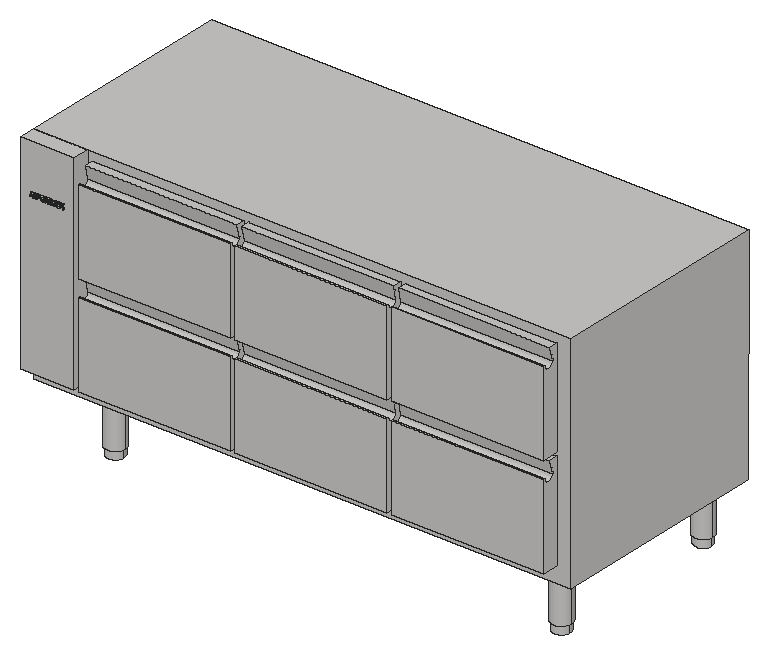
Revit family "QF_ALPENINOX_712656_AJ3R8BBB", category Specialty Equipment, Revit 2018
Family settings
  Round Connector Dimension = Use Diameter
  Part Type = Normal
  Work Plane-Based = No
  Always vertical = Yes
  Cut with Voids When Loaded = No
  Shared = No
  Room Calculation Point = No
Parameters
  Weight = 0.00 kg
  Watts = 2.78709 W
  Volts = 220 V
  URL Manufacturer = "http://www.alpeninox.com"
  URL = "http://www.alpeninox.com"
  Steam Supply Size = 0 mm
  Steam Supply Minimum Pressure = 0.0 Pa
  Steam Supply Maximum Pressure = 0.0 Pa
  Steam Pounds per Hour = 0
  Refrigeration Suction Line Size = 0 mm
  Refrigeration Liquid Line Size = 0 mm
  Refrigerant Compressor Remote = yes
  Manufacturer = "Alpeninox"
  Phase = 1
  Model = "AJ3R8BBB"
  Length Actual = 1557 mm  # constant formula
  Length = 1557 mm
  Item Number = "712656"
  Hot Water Size = 0 mm
  Height Actual = 800 mm  # constant formula
  Height = 650 mm
  HP = "0 HP"
  Gas Size = 0 mm
  Gas KW = 0
  Gas Input Pressure = 0 W
  Depth Actual = 700 mm  # constant formula
  Depth = 695 mm
  Description = "6x½ DRAWER REFRIGER. TABLE -2C REM NO TOP"
  Cycle = 60 Hz
  Condensate Return Size = 0 mm
  Compressed Air Volume = 0.0 L/s
  Compressed Air Size = 0 mm
  Compressed Air Pressure = 0.0 Pa
  Cold Water Size = 0 mm
  Accessory = yes
Reference planes
  plane 1: z = 0
  plane 2 "Center (Left/Right)": x = -124.5
  plane 3 "Center (Front/Back)": y = 64.5
  plane 4 "FEET": z = 150
  plane 5 "TOP": z = 850
  plane 6 "PLAIN": z = 800
  plane 7 "EI_back": y = 359
  plane 8 "EI_left": x = -837
  plane 9 "BACK": y = 412
  plane 10 "FRONT": y = -283
  plane 11 "DOOR": y = -233
  plane 12 "LEFT": x = -903
  plane 13 "RIGHT": x = 654
  plane 14: x = -878
  plane 15: x = 629
  plane 16 "RO_left": x = -863
  plane 17 "RI_left": x = -811
  plane 18 "RO_back": y = 375.5
  plane 19 "RI_back": y = 375.5
  plane 20 "DRAINleft": x = -837
  plane 21 "DRAINback": y = 164
Forms (mm)
  Extrusion 1, solid, material "QF_Finishes_Stainless Steel"
    sketch origin (-1022.223, -1524, 150) x (-1, 0, 0) y (0, -1, 0)
      loop
        circle (-185.223, -1883) r 5
    from 0 to -40
  Extrusion 2, solid, material "QF_Finishes_Stainless Steel"
    sketch origin (-1022.223, -1524, 150) x (-1, 0, 0) y (0, -1, 0)
      loop
        circle (-159.223, -1899.5) r 4.25
    from 0 to -20
  Extrusion 3, solid, material "QF_Finishes_Stainless Steel"
    sketch origin (-1022.223, -1524, 150) x (-1, 0, 0) y (0, -1, 0)
      loop
        circle (-211.223, -1899.5) r 4
    from 0 to -20
  Extrusion 4, solid, material "QF_Finishes_Stainless Steel"
    sketch origin (-1022.223, -1524, 150) x (-1, 0, 0) y (0, -1, 0)
      loop
        circle (-185.223, -1688) r 8.5
    from 0 to -40
  Extrusion 5, solid, material "QF_Finishes_Stainless Steel"
    sketch origin (-1022.223, -1524, 150) x (-1, 0, 0) y (0, -1, 0)
      loop
        line (-119.223, -1936) -> (-119.223, -1291) -> (-1676.223, -1291) -> (-1676.223, -1936) -> (-119.223, -1936)
    from 0 to 650 <- "Height"
Lines and regions (mm)
  symbolic lines, style "SpecialityEquipmentHiddenLines"
    curve 1: line (-903, 412, 150) -> (654, 412, 150)
    curve 2: line (-903, -283, 150) -> (-903, 412, 150)
    curve 3: line (654, -283, 150) -> (-903, -283, 150)
    curve 4: line (654, 412, 150) -> (654, -283, 150)
    curve 5: line (-903, -233, 150) -> (654, -233, 150)
    curve 6: line (629, -233, 150) -> (629, -283, 150)
Dimensions and locks
  plane 4 "FEET" to level = 150 mm
  plane 11 "DOOR" to plane 10 "FRONT" = 50 mm
  "Height": plane 6 "PLAIN" to plane 4 "FEET"
  plane 5 "TOP" to plane 6 "PLAIN" = 50 mm
  plane 12 "LEFT" to plane 14 = 25 mm
  plane 15 to plane 13 "RIGHT" = 25 mm
  plane 9 "BACK" to plane 18 "RO_back" = 36.5 mm
  plane 9 "BACK" to plane 7 "EI_back" = 53 mm
  plane 9 "BACK" to plane 19 "RI_back" = 36.5 mm
  plane 9 "BACK" to plane 21 "DRAINback" = 248 mm
  plane 12 "LEFT" to plane 20 "DRAINleft" = 66 mm
  plane 12 "LEFT" to plane 8 "EI_left" = 66 mm
  plane 12 "LEFT" to plane 17 "RI_left" = 92 mm
  plane 12 "LEFT" to plane 16 "RO_left" = 40 mm
  "Depth": plane 9 "BACK" to plane 10 "FRONT"
  equal spacing: plane 9 "BACK", plane 3 "Center (Front/Back)", plane 10 "FRONT"
  "Length": plane 12 "LEFT" to plane 13 "RIGHT"
  equal spacing: plane 12 "LEFT", plane 2 "Center (Left/Right)", plane 13 "RIGHT"
  aligned and locked: level to plane 1
Automatic sketch dimensions
  Extrusion 1 sketch curve to plane 7 "EI_back" = 0 mm
  Extrusion 1 sketch curve to plane 8 "EI_left" = 0 mm
  Extrusion 2 sketch curve to plane 16 "RO_left" = 0 mm
  Extrusion 2 sketch curve to plane 18 "RO_back" = 0 mm
  Extrusion 3 sketch curve to plane 17 "RI_left" = 0 mm
  Extrusion 3 sketch curve to plane 19 "RI_back" = 0 mm
  Extrusion 4 sketch curve to plane 20 "DRAINleft" = 0 mm
  Extrusion 4 sketch curve to plane 21 "DRAINback" = 0 mm
  Extrusion 5 sketch curve to plane 9 "BACK" = 0 mm
  Extrusion 5 sketch curve to plane 13 "RIGHT" = 0 mm
  Extrusion 5 sketch curve to plane 11 "DOOR" = 0 mm
  Extrusion 5 sketch curve to plane 12 "LEFT" = 0 mm
  curve 1 to plane 13 "RIGHT" = 0 mm
  curve 6 to plane 15 = 0 mm
  curve 5 to plane 11 "DOOR" = 0 mm
  curve 5 to plane 12 "LEFT" = 0 mm
  curve 6 to plane 10 "FRONT" = 0 mm
  curve 1 to plane 9 "BACK" = 0 mm
  radius of Extrusion 1 sketch curve = 5 mm
  radius of Extrusion 2 sketch curve = 4.25 mm
  radius of Extrusion 3 sketch curve = 4 mm
  radius of Extrusion 4 sketch curve = 8.5 mm
Nested families
  nested 1: "Refrigerator" at (654, -283, 0), type "Refrigerator"
  nested 2: "FEET" at (-707, 331, 0), type "FEET"
  nested 3: "FEET" at (588, 331, 0), type "FEET"
  nested 4: "FEET" at (-707, -183, 0), type "FEET"
  nested 5: "FEET" at (588, -183, 0), type "FEET"
  nested 6: "APX_REM_TN_L_650" at (-746.08, -233, 548) x (1, 0, 0) z (0, -1, 0), type "APX_REM_TN_L_650"
    with Show Logo yes
  nested 7: "APX_HALF_650" at (-513, -233, 458.08) x (1, 0, 0) z (0, -1, 0), type "APX_HALF_650"
    with Show Clearance yes
  nested 8: "APX_HALF_650" at (-59, -233, 458.08) x (1, 0, 0) z (0, -1, 0), type "APX_HALF_650"
    with Show Clearance yes
  nested 9: "APX_HALF_650" at (395, -233, 458.08) x (1, 0, 0) z (0, -1, 0), type "APX_HALF_650"
    with Show Clearance yes
Connectors
  electrical at (-837, 359, 110), driven by "Volts"
    settings: on Extrusion 1, index 1, voltage 220 V, apparent load 0 VA, apparent load phase1 0 VA, apparent load phase2 0 VA, apparent load phase3 0 VA, power factor 1, load classification "Other", number of poles 1, system type 31, power factor state 1, is connector primary yes, connector utility no, sub classification motor no, connector description "Electrical Connection"
  piping at (-863, 375.5, 130), diameter 9.5
    settings: on Extrusion 2, index 3, connector inside diameter 609.6 mm, connector length 0 mm, flow factor 0, pipe flow 0.0 L/s, pressure drop 0.0 Pa, fitting loss kfactor 0, connector angle 0.00°, fixture units 0, engagement length 0 mm, angle of deflection 0.00°, flow configuration 1, flow direction 2, fitting loss method 0, system type 8, joint type 0, gender type 0, connector reference index -1, connector utility 0, adjustable connector no, is connector primary yes, connector description "Refrigerant Outlet"
  piping at (-811, 375.5, 130), diameter 8
    settings: on Extrusion 3, index 4, connector inside diameter 609.6 mm, connector length 0 mm, flow factor 0, pipe flow 0.0 L/s, pressure drop 0.0 Pa, fitting loss kfactor 0, connector angle 0.00°, fixture units 0, engagement length 0 mm, angle of deflection 0.00°, flow configuration 1, flow direction 1, fitting loss method 0, system type 7, joint type 0, gender type 0, connector reference index -1, connector utility 0, adjustable connector no, is connector primary no, connector description "Refrigerant Inlet"
  piping at (-837, 164, 110), diameter 17
    settings: on Extrusion 4, index 5, connector inside diameter 609.6 mm, connector length 0 mm, flow factor 0, pipe flow 0.0 L/s, pressure drop 0.0 Pa, fitting loss kfactor 0, connector angle 0.00°, fixture units 0, engagement length 0 mm, angle of deflection 0.00°, flow configuration 1, flow direction 2, fitting loss method 0, system type 16, joint type 0, gender type 0, connector reference index -1, connector utility 0, adjustable connector no, is connector primary no, connector description "Drain"
Definition of nested family "FEET"
  Parameters
    FEET = 150 mm
  Reference planes
    plane 1 "Center (Front/Back)": y = 0
    plane 2: z = 0
    plane 3 "Center (Left/Right)": x = 0
    plane 4: z = 150
  Forms (mm)
    Revolve 1, solid
      sketch origin (255.05, 0, 608.09) x (0, 0, 1) y (-1, 0, 0)
        loop
          line (-608.09, 255.05) -> (-608.09, 230.05) -> (-583.09, 230.05) -> (-583.09, 226.05) -> (-458.09, 226.05) -> (-458.09, 255.05) -> (-608.09, 255.05)
        axis (-608.09, 255.05) -> (-458.09, 255.05)
      angle from 0 to 360
  Dimensions and locks
    locked: Revolve 1 sketch curve to Revolve 1 sketch curve at 125
    "FEET": plane 4 to plane 2
    aligned and locked: level to plane 2
    aligned and locked: plane 4 to Revolve 1 sketch curve
    aligned and locked: Revolve 1 sketch curve to level
    aligned and locked: plane 3 "Center (Left/Right)" to Revolve 1 sketch curve
  Automatic sketch dimensions
    Revolve 1 sketch curve to plane 3 "Center (Left/Right)" = 0 mm
    Revolve 1 sketch curve to Revolve 1 sketch curve = 25 mm
    Revolve 1 sketch curve to Revolve 1 sketch curve = 29 mm
    plane 4 to Revolve 1 sketch curve = 50 mm
    Revolve 1 sketch curve to Revolve 1 sketch curve = 20 mm
Definition of nested family "APX_REM_TN_L_650"
  Parameters
    Show Logo [instance] = yes
    Default Elevation = 1219.2 mm
  Reference planes
    plane 1 "Centro (Fronte/Retro)": y = -49
    plane 2: z = 0
    plane 3 "Centro (Sinistra/Destra)": x = -78.92
  Forms (mm)
    Extrusion 1, solid
      sketch origin (0, 0, 0) x (1, 0, 0) y (0, 1, 0)
        loop
          line (-1219.2, 1219.2) -> (-1219.2, -1219.2) -> (1219.2, -1219.2) -> (1219.2, 1219.2) -> (-1219.2, 1219.2)
      from 0 to -304.8
    Extrusion 2, solid
      sketch origin (0, 0, 0) x (1, 0, 0) y (0, 1, 0)
        loop
          line (-156.92, 252) -> (-156.92, -350) -> (-0.92, -350) -> (-0.92, 252) -> (-156.92, 252)
      from 0 to 50
    Extrusion 3, solid
      sketch origin (43.141, -49.023, 0) x (1, 0, 0) y (0, 1, 0)
        loop
          line (-168.675, 170.349) -> (-172.411, 160.318)
          arc (-172.411, 160.318) -> (-171.624, 158.497) -> (-169.837, 159.36) r 1.374
          line (-169.837, 159.36) -> (-169.268, 161.111) -> (-164.1, 161.111) -> (-163.54, 159.379)
          arc (-163.54, 159.379) -> (-161.802, 158.542) -> (-161.049, 160.318) r 1.333
          line (-161.049, 160.318) -> (-164.694, 170.349)
          arc (-164.694, 170.349) -> (-166.685, 171.876) -> (-168.675, 170.349) r 2.06
        loop
          line (-166.681, 169.055) -> (-168.469, 163.655) -> (-164.935, 163.655) -> (-166.681, 169.055)
        loop
          arc (-159.705, 160.042) -> (-159.262, 158.973) -> (-158.194, 158.531) r 1.512
          line (-158.194, 158.531) -> (-153.608, 158.531)
          arc (-153.608, 158.531) -> (-152.337, 159.802) -> (-153.608, 161.074) r 1.272
          line (-153.608, 161.074) -> (-156.917, 161.074) -> (-156.917, 170.328)
          arc (-156.917, 170.328) -> (-158.311, 171.722) -> (-159.705, 170.328) r 1.394
          line (-159.705, 170.328) -> (-159.705, 160.042)
        loop
          line (-151.076, 170.218) -> (-151.076, 159.859)
          arc (-151.076, 159.859) -> (-149.683, 158.466) -> (-148.29, 159.859) r 1.393
          line (-148.29, 159.859) -> (-148.29, 162.882) -> (-146.225, 162.882)
          arc (-146.225, 162.882) -> (-142.999, 163.859) -> (-141.608, 166.928) r 4.082
          arc (-141.608, 166.928) -> (-142.993, 170.272) -> (-146.336, 171.657) r 4.728
          line (-146.336, 171.657) -> (-149.638, 171.657)
          arc (-149.638, 171.657) -> (-150.655, 171.235) -> (-151.076, 170.218) r 1.439
        loop
          line (-148.29, 165.313) -> (-146.388, 165.313)
          arc (-146.388, 165.313) -> (-144.433, 167.268) -> (-146.388, 169.222) r 1.955
          line (-146.388, 169.222) -> (-148.29, 169.222) -> (-148.29, 165.313)
        loop
          arc (-131.184, 166.332) -> (-132.004, 168.2) -> (-133.767, 169.228) r 3.3
          arc (-133.767, 169.228) -> (-136.353, 168.661) -> (-137.611, 166.332) r 3.176
          line (-137.611, 166.332) -> (-131.184, 166.332)
        loop
          line (-137.538, 163.743) -> (-130.544, 163.743)
          arc (-130.544, 163.743) -> (-129.292, 163.916) -> (-128.301, 164.701) r 2.4
          arc (-128.301, 164.701) -> (-128.155, 165.545) -> (-128.212, 166.399) r 3.635
          arc (-128.212, 166.399) -> (-130.364, 170.162) -> (-134.39, 171.769) r 6.579
          arc (-134.39, 171.769) -> (-138.918, 169.706) -> (-140.661, 165.044) r 6.501
          arc (-140.661, 165.044) -> (-139.276, 160.789) -> (-135.401, 158.549) r 6.252
          arc (-135.401, 158.549) -> (-132.922, 158.526) -> (-130.544, 159.232) r 8.361
          arc (-130.544, 159.232) -> (-129.466, 159.781) -> (-128.641, 160.666) r 3.486
          arc (-128.641, 160.666) -> (-128.419, 161.592) -> (-128.828, 162.451) r 1.425
          arc (-128.828, 162.451) -> (-129.368, 162.762) -> (-129.99, 162.762) r 1.203
          arc (-129.99, 162.762) -> (-130.406, 162.59) -> (-130.764, 162.316) r 1.724
          arc (-130.764, 162.316) -> (-131.666, 161.705) -> (-132.646, 161.229) r 7.6
          arc (-132.646, 161.229) -> (-135.676, 161.35) -> (-137.538, 163.743) r 3.6
        loop
          line (-126.669, 170.328) -> (-126.669, 159.859)
          arc (-126.669, 159.859) -> (-125.273, 158.463) -> (-123.878, 159.859) r 1.396
          line (-123.878, 159.859) -> (-123.878, 166.785) -> (-117.946, 159.029)
          arc (-117.946, 159.029) -> (-116.361, 158.51) -> (-115.379, 159.859) r 1.417
          line (-115.379, 159.859) -> (-115.379, 170.328)
          arc (-115.379, 170.328) -> (-116.774, 171.723) -> (-118.169, 170.328) r 1.395
          line (-118.169, 170.328) -> (-118.169, 163.311) -> (-124.101, 171.157)
          arc (-124.101, 171.157) -> (-125.687, 171.678) -> (-126.669, 170.328) r 1.418
        loop
          arc (-113.636, 159.859) -> (-112.241, 158.464) -> (-110.847, 159.859) r 1.394
          line (-110.847, 159.859) -> (-110.847, 170.328)
          arc (-110.847, 170.328) -> (-112.241, 171.723) -> (-113.636, 170.328) r 1.394
          line (-113.636, 170.328) -> (-113.636, 159.859)
        loop
          line (-109.102, 170.328) -> (-109.102, 159.859)
          arc (-109.102, 159.859) -> (-107.706, 158.463) -> (-106.31, 159.859) r 1.396
          line (-106.31, 159.859) -> (-106.31, 166.785) -> (-100.378, 159.029)
          arc (-100.378, 159.029) -> (-98.793, 158.51) -> (-97.812, 159.859) r 1.417
          line (-97.812, 159.859) -> (-97.812, 170.328)
          arc (-97.812, 170.328) -> (-99.207, 171.723) -> (-100.602, 170.328) r 1.395
          line (-100.602, 170.328) -> (-100.602, 163.311) -> (-106.533, 171.157)
          arc (-106.533, 171.157) -> (-108.119, 171.678) -> (-109.102, 170.328) r 1.418
        loop
          arc (-96.345, 165.093) -> (-95.619, 161.877) -> (-93.467, 159.379) r 6.806
          arc (-93.467, 159.379) -> (-91.792, 158.566) -> (-89.948, 158.31) r 5.956
          arc (-89.948, 158.31) -> (-88.104, 158.566) -> (-86.43, 159.379) r 5.956
          arc (-86.43, 159.379) -> (-84.277, 161.877) -> (-83.551, 165.093) r 6.806
          arc (-83.551, 165.093) -> (-84.277, 168.31) -> (-86.43, 170.808) r 6.806
          arc (-86.43, 170.808) -> (-88.104, 171.621) -> (-89.948, 171.877) r 5.956
          arc (-89.948, 171.877) -> (-91.792, 171.621) -> (-93.467, 170.808) r 5.956
          arc (-93.467, 170.808) -> (-95.619, 168.31) -> (-96.345, 165.093) r 6.806
        loop
          arc (-93.425, 165.093) -> (-93.138, 163.212) -> (-92.081, 161.629) r 4.387
          arc (-92.081, 161.629) -> (-91.087, 161.049) -> (-89.948, 160.881) r 3.035
          arc (-89.948, 160.881) -> (-88.809, 161.049) -> (-87.815, 161.629) r 3.035
          arc (-87.815, 161.629) -> (-86.759, 163.212) -> (-86.472, 165.093) r 4.387
          arc (-86.472, 165.093) -> (-86.759, 166.975) -> (-87.815, 168.558) r 4.387
          arc (-87.815, 168.558) -> (-88.809, 169.138) -> (-89.948, 169.306) r 3.035
          arc (-89.948, 169.306) -> (-91.087, 169.138) -> (-92.081, 168.558) r 3.035
          arc (-92.081, 168.558) -> (-93.138, 166.975) -> (-93.425, 165.093) r 4.387
        loop
          line (-82.843, 169.609) -> (-79.829, 165.552) -> (-83.513, 160.652)
          arc (-83.513, 160.652) -> (-83.216, 158.692) -> (-81.262, 159.029) r 1.388
          line (-81.262, 159.029) -> (-78.213, 163.232) -> (-75.164, 159.029)
          arc (-75.164, 159.029) -> (-73.211, 158.692) -> (-72.913, 160.652) r 1.388
          line (-72.913, 160.652) -> (-76.597, 165.552) -> (-73.584, 169.609)
          arc (-73.584, 169.609) -> (-73.952, 171.597) -> (-75.908, 171.084) r 1.38
          line (-75.908, 171.084) -> (-78.213, 167.841) -> (-80.519, 171.084)
          arc (-80.519, 171.084) -> (-82.474, 171.597) -> (-82.843, 169.609) r 1.38
      from 50 to 51.6
  Lines and regions (mm)
    Split face 1
      outline origin (0, 0, 50) x (1, 0, 0) y (0, 1, 0)
        loop
          line (-0.92, 188) -> (-156.92, 188)
    Split face 2
      outline origin (0, 0, 50) x (1, 0, 0) y (0, 1, 0)
        loop
          line (-156.92, 178) -> (-0.92, 178)
    Split face 3
      outline origin (0, 0, 50) x (1, 0, 0) y (0, 1, 0)
        loop
          line (-0.92, 104) -> (-156.92, 104)
    Split face 4
      outline origin (0, 0, 50) x (1, 0, 0) y (0, 1, 0)
        loop
          line (-0.92, 94) -> (-156.92, 94)
    Split face 5
      outline origin (0, 0, 50) x (1, 0, 0) y (0, 1, 0)
        loop
          line (-108.92, 163.931) -> (-108.92, 134.412) -> (-48.92, 134.412) -> (-48.92, 163.931) -> (-108.92, 163.931)
    Split face 6
      outline origin (0, 0, 50) x (1, 0, 0) y (0, 1, 0)
        loop
          line (-68.92, 160.931) -> (-68.92, 137.412) -> (-51.92, 137.412) -> (-51.92, 160.931) -> (-68.92, 160.931)
    symbolic lines
      curve 1: line (-2, -49, 50) -> (-2, -49, 0)
  Dimensions and locks
    equal spacing: Extrusion 2, plane 3 "Centro (Sinistra/Destra)", Extrusion 2
    equal spacing: Extrusion 2, plane 1 "Centro (Fronte/Retro)", Extrusion 2
    Extrusion 2 to Extrusion 2 = 156 mm
    aligned and locked: plane 2 to Extrusion 1
    aligned and locked: level to Extrusion 1
  Automatic sketch dimensions
    curve 1 to level = 0 mm
    plane 3 "Centro (Sinistra/Destra)" to curve 1 = 76.92 mm
    curve 1 to curve 1 = 50 mm
    Extrusion 1 sketch curve to Extrusion 1 sketch curve = 2438.4 mm  (x2)
    Extrusion 2 sketch curve to plane 3 "Centro (Sinistra/Destra)" = 78 mm
    plane 3 "Centro (Sinistra/Destra)" to Extrusion 2 sketch curve = 78 mm
    plane 1 "Centro (Fronte/Retro)" to Extrusion 2 sketch curve = 301 mm
    Extrusion 2 sketch curve to plane 1 "Centro (Fronte/Retro)" = 301 mm
    Extrusion 3 sketch curve to plane 3 "Centro (Sinistra/Destra)" = 50.35 mm
    Extrusion 3 sketch curve to Extrusion 3 sketch curve = 1.266 mm
    Extrusion 3 sketch curve to Extrusion 3 sketch curve = 1.307 mm
    Extrusion 3 sketch curve to Extrusion 3 sketch curve = 0.57 mm
    Extrusion 3 sketch curve to Extrusion 3 sketch curve = 0.593 mm
    Extrusion 3 sketch curve to Extrusion 3 sketch curve = 0.799 mm
    Extrusion 3 sketch curve to Extrusion 3 sketch curve = 1.99 mm  (x2)
    Extrusion 3 sketch curve to Extrusion 3 sketch curve = 0.003 mm
    Extrusion 3 sketch curve to Extrusion 3 sketch curve = 3.534 mm
    Extrusion 3 sketch curve to Extrusion 3 sketch curve = 0.835 mm
    Extrusion 3 sketch curve to Extrusion 3 sketch curve = 0.56 mm
    Extrusion 3 sketch curve to Extrusion 3 sketch curve = 1.268 mm
    Extrusion 3 sketch curve to Extrusion 3 sketch curve = 1.223 mm
    Extrusion 3 sketch curve to Extrusion 3 sketch curve = 1.344 mm
    Extrusion 3 sketch curve to Extrusion 3 sketch curve = 1.394 mm  (x2)
    Extrusion 3 sketch curve to Extrusion 3 sketch curve = 1.512 mm
    Extrusion 3 sketch curve to Extrusion 3 sketch curve = 3.309 mm
    Extrusion 3 sketch curve to Extrusion 3 sketch curve = 5.841 mm
    Extrusion 3 sketch curve to Extrusion 3 sketch curve = 1.393 mm
    Extrusion 3 sketch curve to Extrusion 3 sketch curve = 1.439 mm
    Extrusion 3 sketch curve to Extrusion 3 sketch curve = 0 mm  (x19)
    Extrusion 3 sketch curve to Extrusion 3 sketch curve = 1.902 mm
    Extrusion 3 sketch curve to Extrusion 3 sketch curve = 0.052 mm
    Extrusion 3 sketch curve to Extrusion 3 sketch curve = 2.065 mm
    Extrusion 3 sketch curve to Extrusion 3 sketch curve = 0.647 mm
    Extrusion 3 sketch curve to Extrusion 3 sketch curve = 8.079 mm
    Extrusion 3 sketch curve to Extrusion 3 sketch curve = 0.073 mm
    Extrusion 3 sketch curve to Extrusion 3 sketch curve = 2.145 mm
    Extrusion 3 sketch curve to Extrusion 3 sketch curve = 2.931 mm
    Extrusion 3 sketch curve to Extrusion 3 sketch curve = 0.213 mm
    Extrusion 3 sketch curve to Extrusion 3 sketch curve = 0.026 mm
    Extrusion 3 sketch curve to Extrusion 3 sketch curve = 0.263 mm
    Extrusion 3 sketch curve to Extrusion 3 sketch curve = 0.516 mm
    Extrusion 3 sketch curve to Extrusion 3 sketch curve = 0.356 mm
    Extrusion 3 sketch curve to Extrusion 3 sketch curve = 0.387 mm
    Extrusion 3 sketch curve to Extrusion 3 sketch curve = 2.378 mm
    Extrusion 3 sketch curve to Extrusion 3 sketch curve = 2.466 mm
    Extrusion 3 sketch curve to Extrusion 3 sketch curve = 0.602 mm
    Extrusion 3 sketch curve to Extrusion 3 sketch curve = 1.02 mm
    Extrusion 3 sketch curve to Extrusion 3 sketch curve = 0.949 mm
    Extrusion 3 sketch curve to Extrusion 3 sketch curve = 1.728 mm
    Extrusion 3 sketch curve to Extrusion 3 sketch curve = 0.157 mm  (x2)
    Extrusion 3 sketch curve to Extrusion 3 sketch curve = 0.292 mm
    Extrusion 3 sketch curve to plane 3 "Centro (Sinistra/Destra)" = 4.608 mm
    Extrusion 3 sketch curve to Extrusion 3 sketch curve = 1.396 mm  (x2)
    Extrusion 3 sketch curve to Extrusion 3 sketch curve = 1.418 mm  (x2)
    Extrusion 3 sketch curve to Extrusion 3 sketch curve = 1.151 mm  (x2)
    plane 3 "Centro (Sinistra/Destra)" to Extrusion 3 sketch curve = 3.891 mm
    plane 3 "Centro (Sinistra/Destra)" to Extrusion 3 sketch curve = 4.115 mm
    Extrusion 3 sketch curve to Extrusion 3 sketch curve = 1.149 mm  (x2)
    Extrusion 3 sketch curve to Extrusion 3 sketch curve = 1.395 mm  (x2)
    Extrusion 3 sketch curve to Extrusion 3 sketch curve = 1.744 mm
    Extrusion 3 sketch curve to Extrusion 3 sketch curve = 1.745 mm
    Extrusion 3 sketch curve to Extrusion 3 sketch curve = 5.709 mm
    Extrusion 3 sketch curve to Extrusion 3 sketch curve = 0.224 mm
    Extrusion 3 sketch curve to Extrusion 3 sketch curve = 6.963 mm
    Extrusion 3 sketch curve to Extrusion 3 sketch curve = 0.493 mm  (x3)
    Extrusion 3 sketch curve to Extrusion 3 sketch curve = 0.273 mm  (x2)
    Extrusion 3 sketch curve to Extrusion 3 sketch curve = 0.021 mm  (x2)
    Extrusion 3 sketch curve to Extrusion 3 sketch curve = 0.226 mm  (x2)
    Extrusion 3 sketch curve to Extrusion 3 sketch curve = 0.268 mm  (x2)
    Extrusion 3 sketch curve to Extrusion 3 sketch curve = 0.294 mm
    Extrusion 3 sketch curve to Extrusion 3 sketch curve = 5.534 mm
    Extrusion 3 sketch curve to Extrusion 3 sketch curve = 6.205 mm
    Extrusion 3 sketch curve to Extrusion 3 sketch curve = 1.109 mm  (x2)
    Extrusion 3 sketch curve to Extrusion 3 sketch curve = 1.108 mm  (x2)
    Extrusion 3 sketch curve to Extrusion 3 sketch curve = 1.142 mm  (x2)
    Extrusion 3 sketch curve to Extrusion 3 sketch curve = 1.216 mm  (x2)
    Extrusion 3 sketch curve to Extrusion 3 sketch curve = 3.013 mm
    Extrusion 3 sketch curve to Extrusion 3 sketch curve = 1.616 mm  (x3)
    Extrusion 3 sketch curve to Extrusion 3 sketch curve = 2.305 mm
    Extrusion 3 sketch curve to Extrusion 3 sketch curve = 3.049 mm
    Extrusion 3 sketch curve to plane 1 "Centro (Fronte/Retro)" = 158.508 mm
    Extrusion 3 sketch curve to Extrusion 3 sketch curve = 0.498 mm
    Extrusion 3 sketch curve to Extrusion 3 sketch curve = 0.682 mm
    Extrusion 3 sketch curve to Extrusion 3 sketch curve = 0.664 mm
    Extrusion 3 sketch curve to Extrusion 3 sketch curve = 0.425 mm
    Extrusion 3 sketch curve to Extrusion 3 sketch curve = 0.41 mm
    Extrusion 3 sketch curve to Extrusion 3 sketch curve = 1.272 mm
    Extrusion 3 sketch curve to Extrusion 3 sketch curve = 0.789 mm  (x2)
    Extrusion 3 sketch curve to Extrusion 3 sketch curve = 0.056 mm
    Extrusion 3 sketch curve to Extrusion 3 sketch curve = 0.83 mm
    Extrusion 3 sketch curve to Extrusion 3 sketch curve = 1.238 mm
    Extrusion 3 sketch curve to Extrusion 3 sketch curve = 1.732 mm
    Extrusion 3 sketch curve to Extrusion 3 sketch curve = 0.346 mm
    Extrusion 3 sketch curve to Extrusion 3 sketch curve = 1.123 mm
    Extrusion 3 sketch curve to Extrusion 3 sketch curve = 3.023 mm
    Extrusion 3 sketch curve to Extrusion 3 sketch curve = 4.203 mm
    Extrusion 3 sketch curve to Extrusion 3 sketch curve = 3.452 mm  (x2)
    Extrusion 3 sketch curve to Extrusion 3 sketch curve = 2.544 mm
    Extrusion 3 sketch curve to Extrusion 3 sketch curve = 1.177 mm
    Extrusion 3 sketch curve to Extrusion 3 sketch curve = 3.261 mm
    Extrusion 3 sketch curve to Extrusion 3 sketch curve = 0.352 mm  (x2)
    Extrusion 3 sketch curve to Extrusion 3 sketch curve = 1.987 mm
    Extrusion 3 sketch curve to Extrusion 3 sketch curve = 0.171 mm
    Extrusion 3 sketch curve to Extrusion 3 sketch curve = 0.533 mm  (x3)
    Extrusion 3 sketch curve to Extrusion 3 sketch curve = 0.14 mm  (x4)
    Extrusion 3 sketch curve to Extrusion 3 sketch curve = 0.473 mm
    Extrusion 3 sketch curve to Extrusion 3 sketch curve = 0.31 mm  (x2)
    Extrusion 3 sketch curve to Extrusion 3 sketch curve = 0.075 mm
    Extrusion 3 sketch curve to Extrusion 3 sketch curve = 2.431 mm
    Extrusion 3 sketch curve to Extrusion 3 sketch curve = 2.32 mm  (x2)
    Extrusion 3 sketch curve to Extrusion 3 sketch curve = 1.992 mm
    Extrusion 3 sketch curve to Extrusion 3 sketch curve = 0.674 mm
    Extrusion 3 sketch curve to Extrusion 3 sketch curve = 0.732 mm
    Extrusion 3 sketch curve to Extrusion 3 sketch curve = 0.388 mm
    Extrusion 3 sketch curve to Extrusion 3 sketch curve = 0.121 mm
    Extrusion 3 sketch curve to Extrusion 3 sketch curve = 2.589 mm
    Extrusion 3 sketch curve to Extrusion 3 sketch curve = 0.662 mm
    Extrusion 3 sketch curve to Extrusion 3 sketch curve = 3.473 mm
    Extrusion 3 sketch curve to Extrusion 3 sketch curve = 0.681 mm
    Extrusion 3 sketch curve to Extrusion 3 sketch curve = 1.615 mm
    Extrusion 3 sketch curve to Extrusion 3 sketch curve = 0.34 mm
    Extrusion 3 sketch curve to Extrusion 3 sketch curve = 2.288 mm
    Extrusion 3 sketch curve to Extrusion 3 sketch curve = 0.942 mm
    Extrusion 3 sketch curve to Extrusion 3 sketch curve = 5.4 mm
    Extrusion 3 sketch curve to Extrusion 3 sketch curve = 1.768 mm  (x2)
    Extrusion 3 sketch curve to Extrusion 3 sketch curve = 0.761 mm
    Extrusion 3 sketch curve to Extrusion 3 sketch curve = 0.996 mm
    Extrusion 3 sketch curve to Extrusion 3 sketch curve = 3.543 mm  (x2)
    Extrusion 3 sketch curve to Extrusion 3 sketch curve = 7.017 mm
    Extrusion 3 sketch curve to Extrusion 3 sketch curve = 0.11 mm
    Extrusion 3 sketch curve to Extrusion 3 sketch curve = 0.823 mm  (x2)
    Extrusion 3 sketch curve to Extrusion 3 sketch curve = 0.947 mm
    Extrusion 3 sketch curve to Extrusion 3 sketch curve = 3.837 mm
    Extrusion 3 sketch curve to Extrusion 3 sketch curve = 0.623 mm
    Extrusion 3 sketch curve to Extrusion 3 sketch curve = 1.082 mm
    Extrusion 3 sketch curve to Extrusion 3 sketch curve = 0.801 mm
    Extrusion 3 sketch curve to Extrusion 3 sketch curve = 1 mm
    Extrusion 3 sketch curve to Extrusion 3 sketch curve = 0.089 mm
    Extrusion 3 sketch curve to Extrusion 3 sketch curve = 4.257 mm
    Extrusion 3 sketch curve to Extrusion 3 sketch curve = 4.345 mm  (x2)
    Extrusion 3 sketch curve to Extrusion 3 sketch curve = 2.576 mm
    Extrusion 3 sketch curve to Extrusion 3 sketch curve = 1.385 mm  (x4)
    Extrusion 3 sketch curve to Extrusion 3 sketch curve = 2.133 mm  (x4)
    Extrusion 3 sketch curve to Extrusion 3 sketch curve = 3.518 mm
    Extrusion 3 sketch curve to Extrusion 3 sketch curve = 5.603 mm
    Extrusion 3 sketch curve to Extrusion 3 sketch curve = 2.571 mm
    Split face 1 sketch curve to Extrusion 2 = 0 mm  (x2)
    Split face 1 sketch curve to Extrusion 2 = 64 mm
    Split face 2 sketch curve to Extrusion 2 = 0 mm
    Split face 2 sketch curve to Extrusion 2 = 74 mm
    Extrusion 2 to Split face 2 sketch curve = 0 mm
    Split face 3 sketch curve to Extrusion 2 = 0 mm  (x2)
    Split face 3 sketch curve to Extrusion 2 = 148 mm
    Split face 4 sketch curve to Extrusion 2 = 0 mm  (x2)
    Split face 4 sketch curve to Extrusion 2 = 158 mm
    Split face 5 sketch curve to Extrusion 2 = 48 mm  (x2)
    Split face 5 sketch curve to Extrusion 2 = 117.588 mm
    Split face 5 sketch curve to Split face 5 sketch curve = 29.518 mm
    Split face 6 sketch curve to Extrusion 2 = 68 mm
    Split face 6 sketch curve to Split face 6 sketch curve = 17 mm
    Split face 6 sketch curve to Extrusion 2 = 114.588 mm
    Split face 6 sketch curve to Split face 6 sketch curve = 23.518 mm
Definition of nested family "APX_HALF_650"
  Parameters
    Show Clearance [instance] = yes
    Default Elevation = 1219.2 mm
  Reference planes
    plane 1 "Center (Front/Back)": y = 28.92
    plane 2: z = 0
    plane 3 "Center (Left/Right)": x = 0
    plane 4: x = -234
    plane 5: x = 234
    plane 6: z = 618
  Forms (mm)
    Extrusion 1, solid
      sketch origin (0, 0, 0) x (1, 0, 0) y (0, 1, 0)
        loop
          line (-1219.2, 1219.2) -> (-1219.2, -1219.2) -> (1219.2, -1219.2) -> (1219.2, 1219.2) -> (-1219.2, 1219.2)
      from 0 to -304.8
    Extrusion 2, solid
      sketch origin (0, 0, 0) x (0, 1, 0) y (0, 0, 1)
        loop
          line (317.92, 0) -> (317.92, 26) -> (278.314, 17)
          arc (278.314, 17) -> (264.314, 31) -> (278.314, 45) r 14
          line (278.314, 45) -> (278.314, 50) -> (33.92, 50) -> (33.92, 0) -> (317.92, 0)
        loop
          line (23.92, 0) -> (23.92, 26) -> (-15.686, 17)
          arc (-15.686, 17) -> (-29.686, 31) -> (-15.686, 45) r 14
          line (-15.686, 45) -> (-15.686, 50) -> (-260.08, 50) -> (-260.08, 0) -> (23.92, 0)
      from -220 to 220
    Extrusion 3, solid, visible <- "Show Clearance", detail levels coarse
      sketch origin (0, 0, 512) x (0, 1, 0) y (0, 0, 1)
        loop
          line (-260.08, 106) -> (-260.08, -462) -> (23.92, -462) -> (23.92, 82) -> (-15.686, 73)
          arc (-15.686, 73) -> (-29.686, 87) -> (-15.686, 101) r 14
          line (-15.686, 101) -> (-15.686, 106) -> (-260.08, 106)
        loop
          line (317.92, -462) -> (317.92, 82) -> (278.314, 73)
          arc (278.314, 73) -> (264.314, 87) -> (278.314, 101) r 14
          line (278.314, 101) -> (278.314, 106) -> (33.92, 106) -> (33.92, -462) -> (317.92, -462)
      from -220 to 220
  Lines and regions (mm)
    symbolic lines
      curve 1: line (220, 0, 140) -> (-220, 0, 140)
      curve 2: line (220, 0, 175) -> (-220, 0, 175)
      curve 3: line (220, 0, 260) -> (-220, 0, 260)
      curve 4: line (220, 0, 295) -> (-220, 0, 295)
      curve 5: line (191.424, 0, 140) -> (191.424, 0, 55)
      curve 6: line (-190, 0, 140) -> (-190, 0, 55)
      curve 7: line (191.424, 0, 260) -> (191.424, 0, 175)
      curve 8: line (-190, 0, 260) -> (-190, 0, 175)
      curve 9: line (220, 0, 260) -> (220, 0, 295)
      curve 10: line (-220, 0, 260) -> (-220, 0, 295)
      curve 11: line (220, 0, 140) -> (220, 0, 175)
      curve 12: line (-220, 0, 140) -> (-220, 0, 175)
  Dimensions and locks
    plane 4 to plane 3 "Center (Left/Right)" to plane 5 = 234 mm locked, 234 mm locked
    plane 6 to level = 618 mm
    aligned and locked: plane 2 to Extrusion 1
    aligned and locked: level to Extrusion 1
Definition of nested family "Refrigerator"
  Reference planes
    plane 1 "Center (Front/Back)": y = 0
    plane 2: z = 0
    plane 3 "Center (Left/Right)": x = 0
  Lines and regions (mm)
    detail lines, in view "Ref. Level"
      curve 1: spline (-500, 190, 0) -> (-493.185, 166.706, 0) -> (-473.205, 145, 0) -> (-441.421, 126.36, 0) -> (-400, 112.058, 0) -> (-351.764, 103.067, 0) -> (-300, 100, 0) -> (-248.236, 103.067, 0) -> (-200, 112.058, 0) -> (-158.579, 126.36, 0) -> (-126.795, 145, 0) -> (-106.815, 166.706, 0) -> (-100, 190, 0) -> (-106.815, 213.294, 0) -> (-126.795, 235, 0) -> (-158.579, 253.64, 0) -> (-200, 267.942, 0) -> (-248.236, 276.933, 0) -> (-300, 280, 0) -> (-351.764, 276.933, 0) -> (-400, 267.942, 0) -> (-441.421, 253.64, 0) -> (-473.205, 235, 0) -> (-493.185, 213.294, 0) -> (-500, 190, 0)
      curve 2: line (-300, 130, 0) -> (-300, 250, 0)
      curve 3: line (-351.962, 220, 0) -> (-248.038, 160, 0)
      curve 4: line (-351.962, 160, 0) -> (-248.038, 220, 0)
      curve 5: line (-280.884, 246.873, 0) -> (-300, 225, 0)
      curve 6: line (-300, 225, 0) -> (-319.116, 246.873, 0)
      curve 7: line (-330.311, 207.5, 0) -> (-339.696, 234.992, 0)
      curve 8: line (-358.812, 201.882, 0) -> (-330.311, 207.5, 0)
      curve 9: line (-330.311, 172.5, 0) -> (-358.812, 178.118, 0)
      curve 10: line (-339.696, 145.008, 0) -> (-330.311, 172.5, 0)
      curve 11: line (-300, 155, 0) -> (-319.116, 133.127, 0)
      curve 12: line (-280.884, 133.127, 0) -> (-300, 155, 0)
      curve 13: line (-269.689, 172.5, 0) -> (-260.304, 145.008, 0)
      curve 14: line (-241.188, 178.118, 0) -> (-269.689, 172.5, 0)
      curve 15: line (-269.689, 207.5, 0) -> (-241.188, 201.882, 0)
      curve 16: line (-260.304, 234.992, 0) -> (-269.689, 207.5, 0)
